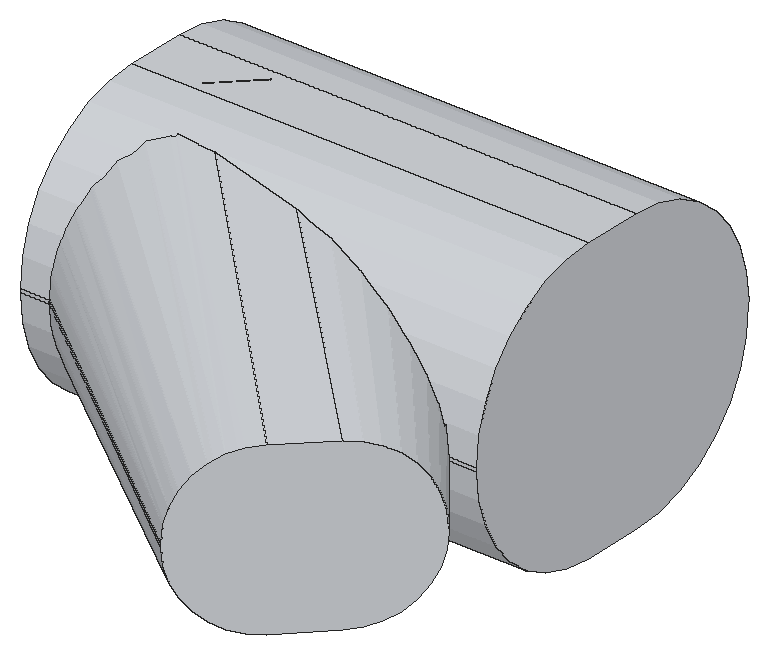
Revit family "d17b35c2c28d48b0a3618e087ce906fc", category Duct Fittings, Revit 2021
Family settings
  Round Connector Dimension = Use Diameter
  Part Type = Lateral Tee
  OmniClass Number = 23.75.70.14
  OmniClass Title = Air Ductwork
  Seek Item ID = Oval Tee - Lateral - Conical-0000-USA-ENU
  Work Plane-Based = No
  Always vertical = Yes
  Cut with Voids When Loaded = No
  Shared = No
Parameters (values of type "Standard")
  Width 2 [instance] = if(Angle 1 = 90.00°, 2 * Duct Width 1, if(Angle 1 > 90.00°, 2 * Duct Width 1, 0' 0 1/2"))  # 1/2"
  Width 1 [instance] = if(Angle 1 = 90.00°, 2 * Duct Width 1, if(Angle 1 < 90.00°, 2 * Duct Width 1, 0' 0 1/2"))  # 24"
  Length 7 [instance] = abs(Duct Length 1 - Duct Length 2 - 0.5 * Base Width 3 * sin(Angle 2)) + 0' 0 1/2"  # 1.80181"
  Length 6 [instance] = if(Angle 1 = 90.00°, 0' 1", (0' 2" / ((Duct Width 3 + 0' 2") / (4 * tan(Angle 2)) + 0' 2")) * 0' 1")  # 0.44444"
  Length 5 [instance] = Duct Length 3 * sin(Angle 1)  # 11.97112"
  Length 4 [instance] = Length 1 - Duct Length 3 * cos(Angle 1)  # 1188.02888"
  Length 3 [instance] = if(Angle 1 < 90.00°, (Length 1 - Duct Length 2 + Duct Length 1), (Length 1 + Duct Length 2))  # 1202.85674"
  Length 2 [instance] = if(Angle 1 < 90.00°, (Length 1 - Duct Length 2), (Length 1 + Duct Length 2 - Duct Length 1))  # 1186.71461"
  Height 2 [instance] = if(Angle 1 = 90.00°, 2 * Duct Height 1, if(Angle 1 > 90.00°, 2 * Duct Height 1, 0' 0 1/2"))  # 1/2"
  Height 1 [instance] = if(Angle 1 = 90.00°, 2 * Duct Height 1, if(Angle 1 < 90.00°, 2 * Duct Height 1, 0' 0 1/2"))  # 20"
  Duct Width 3 [instance] = 8"
  Duct Width 1 [instance] = 12"
  Length 1 [instance] = 1200"
  Duct Length 3 [instance] = if(Angle 1 = 90.00°, (0.5 * Duct Width 1 / sin(Angle 2) + 0' 4"), (0.5 * Duct Width 1 / sin(Angle 2) + (0.5 * Duct Width 3 + Length 6) / tan(Angle 2) + 0' 4"))  # 16.92973"
  Duct Length 2 [instance] = if(Angle 1 = 90.00°, ((0.5 * Duct Width 3 + Length 6) / sin(Angle 2) + 0' 1"), (0.5 * Duct Width 1 / tan(Angle 2) + (0.5 * Duct Width 3 + Length 6) / sin(Angle 2) + 0' 1"))  # 13.28539"
  Duct Length 1 [instance] = (Duct Width 3 + 0' 2") / sin(Angle 2) + 0' 2"  # 16.14214"
  Duct Height 3 [instance] = 6"
  Duct Height 1 [instance] = 10"
  Default Elevation = 0' - 0"
  Base Width 3 [instance] = Duct Length 3 * tan(Angle 3) * 2 + Duct Width 3  # 11.76216"
  Base Height 3 [instance] = Duct Height 1  # 10"
  Angle 3 [instance] = atan(Length 6 / 0' 4")  # 6.34019°
  Angle 2 [instance] = if(Angle 1 < 90.00°, Angle 1, (180.00° - Angle 1))  # 45.00°
  Angle 1 [instance] = 45.00°
Reference planes (in)
  plane 1 "Center (Front/Back)": y = 0
  plane 2: z = 0
  plane 3 "Center (Left/Right)": x = 0
  plane 4: x = -2.85674
  plane 5: x = 13.28539
  plane 6: y = -11.97112
  plane 7: x = 1200
  plane 8: x = 11.97112
  plane 9: x = -4.65855
  plane 10: x = 15.0872
Forms (in)
  Sweep 1, solid, detail levels medium+fine
    path in 3D
      loop
        line (-2.85674, 0, 0) -> (13.28539, 0, 0)
    profile "Duct - Oval : Duct - Oval 1" origin (5.21433, 0, 0) x (0, 1, 0) y (0, 0, 1)
      loop
        line (-6, 0.0625) -> (-6, -0.0625)
        arc (-6, -0.0625) -> (-4.55384, -3.55384) -> (-1.0625, -5) r 4.9375
        line (-1.0625, -5) -> (1.0625, -5)
        arc (1.0625, -5) -> (4.55384, -3.55384) -> (6, -0.0625) r 4.9375
        line (6, -0.0625) -> (6, 0.0625)
        arc (6, 0.0625) -> (4.55384, 3.55384) -> (1.0625, 5) r 4.9375
        line (1.0625, 5) -> (-1.0625, 5)
        arc (-1.0625, 5) -> (-4.55384, 3.55384) -> (-6, 0.0625) r 4.9375
  SweptBlend 2, solid, detail levels medium+fine
    path in 3D
      loop
        line (0, 0, 0) -> (11.97112, -11.97112, 0)
    profile "Duct - Oval : Duct - Base" origin (0, 0, 0) x (0.707107, 0.707107, 0) y (0, 0, 1)
      loop
        line (-5.88108, 0.0625) -> (-5.88108, -0.0625)
        arc (-5.88108, -0.0625) -> (-4.43492, -3.55384) -> (-0.94358, -5) r 4.9375
        line (-0.94358, -5) -> (0.94358, -5)
        arc (0.94358, -5) -> (4.43492, -3.55384) -> (5.88108, -0.0625) r 4.9375
        line (5.88108, -0.0625) -> (5.88108, 0.0625)
        arc (5.88108, 0.0625) -> (4.43492, 3.55384) -> (0.94358, 5) r 4.9375
        line (0.94358, 5) -> (-0.94358, 5)
        arc (-0.94358, 5) -> (-4.43492, 3.55384) -> (-5.88108, 0.0625) r 4.9375
    end profile "Duct - Oval : Duct - Oval 3" origin (11.97112, -11.97112, 0) x (0.707107, 0.707107, 0) y (0, 0, 1)
      loop
        line (-4, 0.0625) -> (-4, -0.0625)
        arc (-4, -0.0625) -> (-3.13963, -2.13963) -> (-1.0625, -3) r 2.9375
        line (-1.0625, -3) -> (1.0625, -3)
        arc (1.0625, -3) -> (3.13963, -2.13963) -> (4, -0.0625) r 2.9375
        line (4, -0.0625) -> (4, 0.0625)
        arc (4, 0.0625) -> (3.13963, 2.13963) -> (1.0625, 3) r 2.9375
        line (1.0625, 3) -> (-1.0625, 3)
        arc (-1.0625, 3) -> (-3.13963, 2.13963) -> (-4, 0.0625) r 2.9375
  Sweep 3, void
    path in 3D
      loop
        line (-4.65855, 0, 0) -> (-2.85674, 0, 0)
    profile "Duct - Oval : Duct - Oval 4" origin (-3.75765, 0, 0) x (0, 1, 0) y (0, 0, 1)
      loop
        line (-12, 0.0625) -> (-12, -0.0625)
        arc (-12, -0.0625) -> (-9.08937, -7.08937) -> (-2.0625, -10) r 9.9375
        line (-2.0625, -10) -> (2.0625, -10)
        arc (2.0625, -10) -> (9.08937, -7.08937) -> (12, -0.0625) r 9.9375
        line (12, -0.0625) -> (12, 0.0625)
        arc (12, 0.0625) -> (9.08937, 7.08937) -> (2.0625, 10) r 9.9375
        line (2.0625, 10) -> (-2.0625, 10)
        arc (-2.0625, 10) -> (-9.08937, 7.08937) -> (-12, 0.0625) r 9.9375
  Sweep 4, void
    path in 3D
      loop
        line (13.28539, 0, 0) -> (15.0872, 0, 0)
    profile "Duct - Oval : Duct - Oval 5" origin (14.1863, 0, 0) x (0, 1, 0) y (0, 0, 1)
      loop
        line (-0.25, 0.0625) -> (-0.25, -0.0625)
        arc (-0.25, -0.0625) -> (-0.19508, -0.19508) -> (-0.0625, -0.25) r 0.1875
        line (-0.0625, -0.25) -> (0.0625, -0.25)
        arc (0.0625, -0.25) -> (0.19508, -0.19508) -> (0.25, -0.0625) r 0.1875
        line (0.25, -0.0625) -> (0.25, 0.0625)
        arc (0.25, 0.0625) -> (0.19508, 0.19508) -> (0.0625, 0.25) r 0.1875
        line (0.0625, 0.25) -> (-0.0625, 0.25)
        arc (-0.0625, 0.25) -> (-0.19508, 0.19508) -> (-0.25, 0.0625) r 0.1875
Cuts and joins
  Sweep 3, Sweep 4 cuts Sweep 1
  Sweep 3, Sweep 4 cuts SweptBlend 2
Lines and regions (in)
  model lines, detail levels coarse
    curve 1: line (-2.85674, 0, 0) -> (13.28539, 0, 0)
    curve 3: line (0, 0, 0) -> (11.97112, -11.97112, 0)
  sketch lines
    curve 2: line (-2.85674, 0, 0) -> (13.28539, 0, 0)
    curve 6: line (0, 0, 0) -> (11.97112, -11.97112, 0)
    curve 7: line (-4.65855, 0, 0) -> (-2.85674, 0, 0)
    curve 8: line (13.28539, 0, 0) -> (15.0872, 0, 0)
  model lines, not visible
    curve 4: line (-4.65855, 0, 0) -> (-2.85674, 0, 0)
    curve 5: line (13.28539, 0, 0) -> (15.0872, 0, 0)
Dimensions and locks (in)
  "Length 1": plane 3 "Center (Left/Right)" to plane 7
  "Length 3": plane 4 to plane 7
  "Length 2": plane 5 to plane 7
  "Length 5": plane 6 to plane 1 "Center (Front/Back)"
  "Length 4": plane 8 to plane 7
  "Length 7": plane 9 to plane 4
  "Length 7": plane 5 to plane 10
  aligned and locked: plane 1 "Center (Front/Back)" to curve 1
  aligned and locked: plane 3 "Center (Left/Right)" to curve 3
  aligned and locked: plane 1 "Center (Front/Back)" to curve 3
  aligned and locked: plane 6 to curve 3
  aligned and locked: plane 8 to curve 3
  aligned and locked: plane 1 "Center (Front/Back)" to curve 4
  aligned and locked: plane 4 to curve 4
  aligned and locked: plane 5 to curve 5
  aligned and locked: plane 9 to curve 4
  aligned and locked: plane 10 to curve 5
Connectors (in)
  hvac at (-2.85674, 0, 0), driven by "Duct Height 1", driven by "Duct Width 1"
    settings: on cut or joined group of Sweep 1, Sweep 3, Sweep 4, index 1, duct flow 0 CFM, flow factor 0, pres drop 0.00 in-wg, loss coef 0, conn angle 0.00°, conn width 12", conn height 10", conn diameter 24", duct sys type 28, conn prof type 2, flow config 0, flow direction 0, loss method 0, conn ref index 2, conn util no, is conn primary yes, conn desc ""
  hvac at (13.28539, 0, 0), driven by "Duct Height 1", driven by "Duct Width 1"
    settings: on cut or joined group of Sweep 1, Sweep 3, Sweep 4, index 2, duct flow 0 CFM, flow factor 0, pres drop 0.00 in-wg, loss coef 0, conn angle 0.00°, conn width 12", conn height 10", conn diameter 24", duct sys type 28, conn prof type 2, flow config 0, flow direction 0, loss method 0, conn ref index 1, conn util no, is conn primary no, conn desc ""
  hvac at (11.97112, -11.97112, 0), driven by "Duct Height 3", driven by "Duct Width 3", driven by "Angle 1"
    settings: on cut or joined group of SweptBlend 2, Sweep 3, Sweep 4, index 3, duct flow 0 CFM, flow factor 0, pres drop 0.00 in-wg, loss coef 0, conn angle 45.00°, conn width 8", conn height 6", conn diameter 24", duct sys type 28, conn prof type 2, flow config 0, flow direction 0, loss method 0, conn ref index -1, conn util no, is conn primary no, conn desc ""
